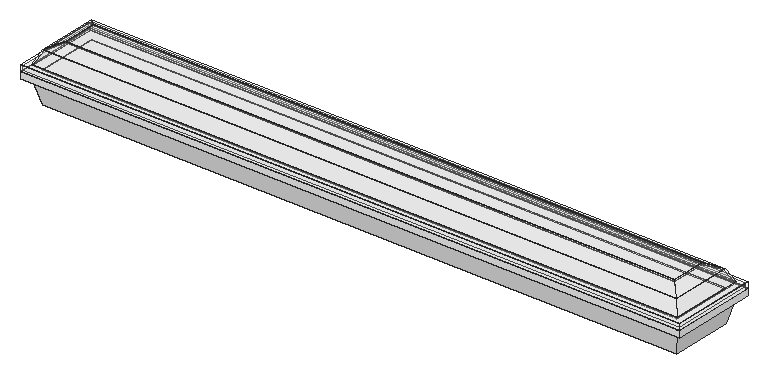
Revit family "SCVW", category Lighting Fixtures, host Face, Revit 2021
Family settings
  Host = Face
  Round Connector Dimension = Use Diameter
  Part Type = Normal
  OmniClass Number = 23.80.70.11
  OmniClass Title = Luminaries for Internal Lighting
  Cut with Voids When Loaded = No
  Light Source = Yes
  Shared = Yes
  Room Calculation Point = No
Parameters
  Wattage = 102 W
  Warranty = "5 Year Limited Warranty"  # constant formula
  built-in parameter 1150110 = 1 (stored number, unit not read)
  Voltage = 120 V
  Wattage Comments = ""
  URL = "\" Columbia Lighting\""
  built-in parameter 1114217 = 1 (stored number, unit not read)
  Tilt Angle = -90.00°
  built-in parameter 1150109 = 1 (stored number, unit not read)
  built-in parameter 1150134 = 12
  built-in parameter 1150113 = 1 (stored number, unit not read)
  Product Page Link = ""
  Product Documentation Link = ""
  Photometric Web File = "generic.ies"
  Nominal Watts = 102 W
  Model = "SCVW"  # constant formula
  Manufacturer = " Columbia Lighting"  # constant formula
  Row Length = 4.0 ft
  built-in parameter 1150105 = 852.27 (stored number, unit not read)
  Lumens = 10710 lm
  built-in parameter 1150115 = 1 (stored number, unit not read)
  built-in parameter 1150137 = (empty or 0)
  built-in parameter 1150139 = (empty or 0)
  built-in parameter 1150112 = 1 (stored number, unit not read)
  built-in parameter 1150114 = 1 (stored number, unit not read)
  Lamp = "LED Lamp"
  built-in parameter 1150132 = (empty or 0)
  built-in parameter 1150102 = (empty or 0)
  built-in parameter 1150107 = 4000 (stored number, unit not read)
  built-in parameter 1150138 = (empty or 0)
  built-in parameter 1150106 = 8.5227 (stored number, unit not read)
  IP Rating = "IP67"  # constant formula
  Glass = White Glass
  Features = "Option 1: Independent — Alternates between pure white light and Dediciated SpectraClean mode for scheduled maximum disinfection\r\nOption 2: Dedicated — Concentrated SpectraClean (405 nm only) mode formaximum disinfection\r\nImpact resistant frosted acrylic lens or optional frosted polycarbonate lens\r\nRemovable gear tray electrical access\r\n-40°C (-104°F) up to +30°C (86°F) ambient operation; see table providedfor details"  # constant formula
  Emit from Line Length = 2.0 ft
  built-in parameter 1150104 = 9.7548 (stored number, unit not read)
  Dimming Lamp Color Temperature Shift = <None>
  Description = "SCVW is a multi-functional enclosed Antimicrobial Lighting LED product which serves rugged to severe conditions as well as food service areas. SCVW can be ordered in dependent or independent SpectraClean™ modes."  # constant formula
  Default Elevation = 4.0 ft
  Color Filter = 16777215
  Certifications = "CSA\r\ncUL\r\nUL Sanitation certified per NSF standards"  # constant formula
  built-in parameter 1114218 = 1 (stored number, unit not read)
  Backbox = White
  built-in parameter 1150133 = 10 (stored number, unit not read)
  Applications = "Extreme Environment\r\nFood Processing\r\nCold Storage\r\nWash Down\r\nFood Preparation\r\nAgricultural Buildings\r\nWet Location\r\nTransporation\r\nStairwells\r\nCorridors\r\nEntry Ways\r\nAwnings\r\nWarehouses"  # constant formula
  Apparent Load = 0 VA
Reference planes (ft)
  plane 1 "Center (Front/Back)": y = 0.003333
  plane 2: z = 0
  plane 3 "Center (Left/Right)": x = 0.13912
  plane 4: x = -1.86088
  plane 5: x = 2.13912
Dimensions and locks (ft)
  equal spacing: plane 5, plane 3 "Center (Left/Right)", plane 4
  "Row Length": plane 5 to plane 4
  aligned and locked: plane 2 to host face
  aligned and locked: level to host face
  aligned and locked: plane 3 "Center (Left/Right)" to nested 1
  aligned and locked: plane 4 to nested 1
  aligned and locked: plane 1 "Center (Front/Back)" to nested 1
  aligned and locked: imposter light to nested 1
  aligned and locked: imposter light to plane 1 "Center (Front/Back)"
  aligned and locked: plane 3 "Center (Left/Right)" to imposter light
Automatic sketch dimensions
  host sketch curve to host sketch curve = 8.0 ft  (x2)
Nested families (ft)
  nested 1: "LED Enclosed and Gasketed" at (0.309759, 0, 0), Row Length <- "Row Length", Glass <- "Glass", Backbox <- "Backbox", type "LED Enclosed and Gasketed"
    with Row Length 4.0 ft, Glass White Glass, Backbox White
Connectors (ft)
  electrical at (0.13912, 0.003333, 0), driven by "Voltage", driven by "Description"
    settings: on nested 1, index 1, voltage 120 V, apparent load 0 VA, apparent load phase1 0 VA, apparent load phase2 0 VA, apparent load phase3 0 VA, power factor 1, load classification "Other", number of poles 1, system type 30, power factor state 1, is connector primary yes, connector utility no, sub classification motor no, connector description "SCVW is a multi-functional enclosed Antimicrobial Lighting LED product which serves rugged to severe conditions as well as food service areas. SCVW can be ordered in dependent or independent SpectraClean™ modes."
Definition of nested family "LED Enclosed and Gasketed"
  Parameters
    Wattage Comments = ""
    URL = ""
    Row Length [instance] = 4.0 ft
    Product Page URL = ""
    Product Documentation Link = ""
    Model = ""
    Manufacturer Phone = "(864)-678-1000"  # constant formula
    Manufacturer Fax = "(866)-898-1065"  # constant formula
    Manufacturer = ""
    Lamp = ""
    Glass [instance] = none
    Description = ""
    Default Elevation = 4.0 ft
    Backbox [instance] = none
  Reference planes (ft)
    plane 1 "Center (Front/Back)": y = 0.003333
    plane 2: z = 0
    plane 3 "Center (Left/Right)": x = -0.170639
    plane 4: x = -2.337306
    plane 5: x = 1.996027
    plane 6: y = 0.28574
    plane 7: y = -0.279075
    plane 8: z = 0.364583
    plane 9: z = 0.2
    plane 10: y = 0.244073
    plane 11: y = -0.237408
    plane 12: y = 0.202407
    plane 13: y = -0.195741
    plane 14: x = -2.170639
    plane 15: x = 1.829361
    plane 16: z = 0.322917
    plane 17: z = 0.241667
    plane 18: y = 0.119073
    plane 19: z = 0.35625
    plane 20: z = 0.0625
    plane 21: y = -0.112408
    plane 22: z = 0.158333
  Forms (ft)
    Extrusion 1, solid
      sketch origin (0, 0, 0.005297) x (1, 0, 0) y (0, 1, 0)
        loop
          line (-4, 4) -> (-4, -4) -> (4, -4) -> (4, 4) -> (-4, 4)
      from -0.005297 to -1.478638
    Extrusion 2, solid, material <- "Backbox"
      sketch origin (0, 1.902299, 0.2) x (0, 1, 0) y (-1, 0, 0)
        loop
          line (-1.783226, 2.170639) -> (-2.014707, 2.170639) -> (-2.014707, -1.829361) -> (-1.783226, -1.829361) -> (-1.783226, 2.170639)
      from -0.2 to 0
    Sweep 3, solid, material <- "Backbox"
      path origin (0, 1.902299, 0.2) x (0, 1, 0) y (-1, 0, 0)
        loop
          line (-1.616559, 2.337306) -> (-2.181374, 2.337306) -> (-2.181374, -1.996027) -> (-1.616559, -1.996027) -> (-1.616559, 2.337306)
      profile origin (-0.170639, 0.28574, 0.2) x (0, 1, 0) y (0, 0, 1)
        loop
          line (0, 0) -> (-0.166667, 0) -> (-0.166667, -0.2) -> (-0.083333, -0.2) -> (-0.041667, -0.041667) -> (0, -0.041667) -> (0, 0)
    Sweep 4, solid, material <- "Glass"
      path origin (0, 1.902299, 0.2) x (0, 1, 0) y (-1, 0, 0)
        loop
          line (-1.616559, 2.337306) -> (-2.181374, 2.337306) -> (-2.181374, -1.996027) -> (-1.616559, -1.996027) -> (-1.616559, 2.337306)
      profile origin (-0.170639, 0.28574, 0.2) x (0, 1, 0) y (0, 0, 1)
        loop
          line (0, 0) -> (0, 0.041667) -> (-0.041667, 0.041667) -> (-0.083333, 0.122917) -> (-0.166667, 0.164583) -> (-0.166667, 0.155266) -> (-0.089502, 0.116684) -> (-0.046758, 0.033333) -> (-0.008333, 0.033333) -> (-0.008333, 0.008333) -> (-0.083333, 0.008333) -> (-0.083333, 0) -> (0, 0)
    Extrusion 5, solid, material <- "Glass"
      sketch origin (-0.170639, 0, 0) x (0, 1, 0) y (0, 0, 1)
        loop
          line (0.119073, 0.364583) -> (-0.112408, 0.364583) -> (-0.112408, 0.355266) -> (0.119073, 0.355266) -> (0.119073, 0.364583)
      from -2 to 2
  Cuts and joins
    joined: Extrusion 2, Sweep 3
    joined: Sweep 4, Extrusion 5
  Dimensions and locks (ft)
    equal spacing: plane 5, plane 3 "Center (Left/Right)", plane 4
    equal spacing: plane 6, plane 1 "Center (Front/Back)", plane 7
    locked: plane 6 to plane 7 at 0.564815
    locked: plane 9 to plane 2 at 0.2
    locked: plane 8 to plane 2 at 0.364583
    equal spacing: plane 10, plane 1 "Center (Front/Back)", plane 11
    locked: plane 6 to plane 10 at 0.041667
    plane 10 to plane 12 = 0.041667 ft
    equal spacing: plane 12, plane 1 "Center (Front/Back)", plane 13
    plane 14 to plane 4 = 0.166667 ft
    equal spacing: plane 15, plane 3 "Center (Left/Right)", plane 14
    locked: plane 17 to plane 9 at 0.041667
    locked: plane 8 to plane 16 at 0.041667
    locked: plane 8 to plane 19 at 0.008333
    locked: plane 20 to level at 0.0625
    equal spacing: plane 21, plane 1 "Center (Front/Back)", plane 18
    locked: plane 9 to plane 22 at 0.041667
    "Row Length": plane 15 to plane 14
    locked: plane 6 to plane 18 at 0.166667
    locked: Sweep 4 sketch curve to Sweep 4 sketch curve at 0.009317
    locked: Sweep 4 sketch curve to Sweep 4 sketch curve at 0.008333  (x3)
    Sweep 4 sketch curve to Sweep 4 sketch curve to plane 17 = 0.008333 ft, 0.0 ft locked
    locked: plane 6 to Sweep 4 sketch curve at 0.008333
    aligned and locked: plane 2 to Extrusion 1
    aligned and locked: level to Extrusion 1
    aligned and locked: Extrusion 2 to level
    aligned and locked: plane 9 to Extrusion 2
    aligned and locked: plane 6 to Sweep 3 sketch curve
    aligned and locked: plane 4 to Sweep 3 sketch curve
    aligned and locked: Sweep 3 sketch curve to plane 7
    aligned and locked: Sweep 3 sketch curve to plane 5
    aligned and locked: plane 9 to Sweep 3 sketch curve
    aligned and locked: Sweep 3 sketch curve to plane 6
    aligned and locked: Sweep 3 sketch curve to plane 22
    aligned and locked: plane 22 to Sweep 3 sketch curve
    aligned and locked: plane 10 to Sweep 3 sketch curve
    aligned and locked: level to Sweep 3 sketch curve
    aligned and locked: plane 12 to Sweep 3 sketch curve
    aligned and locked: plane 18 to Sweep 3 sketch curve
    aligned and locked: Sweep 3 to Extrusion 2
    aligned and locked: Extrusion 2 to plane 2
    aligned and locked: Extrusion 2 to plane 14
    aligned and locked: plane 15 to Extrusion 2
    aligned and locked: Sweep 4 sketch curve to cut or joined group of Extrusion 2, Sweep 3  (x4)
    aligned and locked: Sweep 4 sketch curve to plane 9
    aligned and locked: plane 6 to Sweep 4 sketch curve
    aligned and locked: plane 17 to Sweep 4 sketch curve
    aligned and locked: plane 10 to Sweep 4 sketch curve
    aligned and locked: plane 16 to Sweep 4 sketch curve
    aligned and locked: plane 12 to Sweep 4 sketch curve
    aligned and locked: plane 18 to Sweep 4 sketch curve
    aligned and locked: plane 8 to Sweep 4 sketch curve
    aligned and locked: Extrusion 5 sketch curve to Sweep 4  (x4)
    aligned and locked: plane 15 to Extrusion 5
    aligned and locked: Extrusion 5 to plane 14
  Automatic sketch dimensions
    Extrusion 1 sketch curve to Extrusion 1 sketch curve = 8.0 ft  (x2)
    plane 21 to Extrusion 2 sketch curve = 0.0 ft
    plane 18 to Extrusion 2 sketch curve = 0.0 ft
    Extrusion 2 sketch curve to plane 15 = 0.0 ft
    plane 14 to Extrusion 2 sketch curve = 0.0 ft
    Sweep 4 sketch curve to Sweep 4 sketch curve = 0.041667 ft
